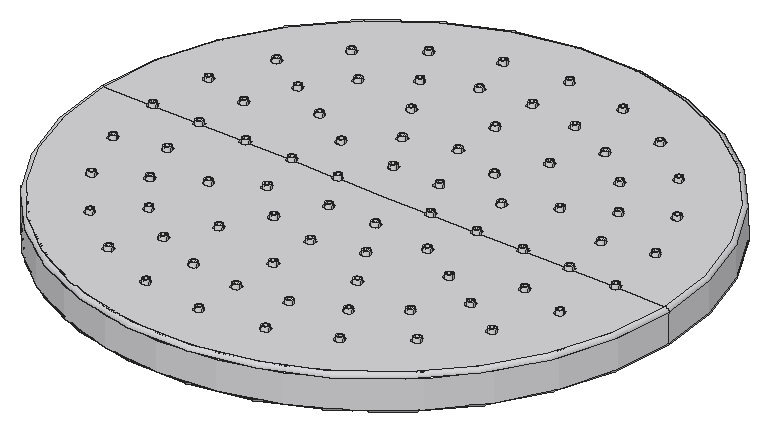
Revit family "Shower-Showerhead-KOHLER-Katalyst-K-73198IN", category Plumbing Fixtures, host Face, Revit 2017 (continued)
Definition of nested family "K-73198IN"
  Automatic sketch dimensions
    curve 211 to curve 427 = 0"  (x2)
    curve 211 to curve 428 = 0"  (x2)
    curve 212 to curve 427 = 0"  (x3)
    curve 212 to curve 428 = 0"  (x2)
    curve 213 to curve 214 = 0"  (x2)
    curve 213 to curve 215 = 0"  (x2)
    curve 213 to curve 216 = 0"  (x2)
    curve 213 to curve 429 = 0"  (x2)
    curve 213 to curve 430 = 0"  (x2)
    curve 213 to curve 431 = 0"  (x2)
    curve 213 to curve 432 = 0"  (x2)
    curve 214 to curve 215 = 0"  (x2)
    curve 214 to curve 216 = 0"  (x2)
    curve 214 to curve 429 = 0"  (x2)
    curve 214 to curve 430 = 0"  (x3)
    curve 214 to curve 431 = 0"  (x2)
    curve 214 to curve 432 = 0"  (x2)
    curve 215 to curve 216 = 0"  (x2)
    curve 215 to curve 429 = 0"  (x2)
    curve 215 to curve 430 = 0"  (x2)
    curve 215 to curve 431 = 0"  (x3)
    curve 215 to curve 432 = 0"  (x2)
    curve 216 to curve 429 = 0"  (x2)
    curve 216 to curve 430 = 0"  (x2)
    curve 216 to curve 431 = 0"  (x2)
    curve 216 to curve 432 = 0"  (x2)
    curve 217 to curve 218 = 0"  (x2)
    curve 217 to curve 219 = 0"  (x2)
    curve 217 to curve 220 = 0"  (x2)
    curve 218 to curve 219 = 0"  (x2)
    curve 218 to curve 220 = 0"  (x2)
    curve 219 to curve 220 = 0"  (x2)
    curve 221 to curve 222 = 0"  (x2)
    curve 223 to curve 226 = 0"  (x2)
    curve 224 to curve 225 = 0"  (x2)
    curve 224 to curve 227 = 0"  (x2)
    curve 224 to curve 228 = 0"  (x2)
    curve 225 to curve 227 = 0"  (x2)
    curve 225 to curve 228 = 0"  (x2)
    curve 227 to curve 228 = 0"  (x2)
    curve 229 to curve 234 = 0"  (x2)
    curve 230 to curve 231 = 0"  (x2)
    curve 230 to curve 232 = 0"  (x2)
    curve 230 to curve 233 = 0"  (x2)
    curve 231 to curve 232 = 0"  (x2)
    curve 231 to curve 233 = 0"  (x2)
    curve 232 to curve 233 = 0"  (x2)
    curve 235 to curve 236 = 0"  (x2)
    curve 237 to curve 238 = 0"  (x2)
    curve 237 to curve 239 = 0"  (x2)
    curve 237 to curve 240 = 0"  (x2)
    curve 238 to curve 239 = 0"  (x2)
    curve 238 to curve 240 = 0"  (x2)
    curve 239 to curve 240 = 0"  (x2)
    curve 241 to curve 242 = 0"  (x2)
    curve 243 to curve 244 = 0"  (x2)
    curve 243 to curve 245 = 0"  (x2)
    curve 243 to curve 246 = 0"  (x2)
    curve 244 to curve 245 = 0"  (x2)
    curve 244 to curve 246 = 0"  (x2)
    curve 245 to curve 246 = 0"  (x2)
    curve 247 to curve 248 = 0"  (x2)
    curve 249 to curve 250 = 0"  (x2)
    curve 249 to curve 251 = 0"  (x2)
    curve 249 to curve 252 = 0"  (x2)
    curve 250 to curve 251 = 0"  (x2)
    curve 250 to curve 252 = 0"  (x2)
    curve 251 to curve 252 = 0"  (x2)
    curve 253 to curve 258 = 0"  (x2)
    curve 254 to curve 255 = 0"  (x2)
    curve 254 to curve 256 = 0"  (x2)
    curve 254 to curve 257 = 0"  (x2)
    curve 255 to curve 256 = 0"  (x2)
    curve 255 to curve 257 = 0"  (x2)
    curve 256 to curve 257 = 0"  (x2)
    curve 259 to curve 260 = 0"  (x2)
    curve 261 to curve 262 = 0"  (x2)
    curve 261 to curve 263 = 0"  (x2)
    curve 261 to curve 264 = 0"  (x2)
    curve 262 to curve 263 = 0"  (x2)
    curve 262 to curve 264 = 0"  (x2)
    curve 263 to curve 264 = 0"  (x2)
    curve 265 to curve 266 = 0"  (x2)
    curve 267 to curve 268 = 0"  (x2)
    curve 267 to curve 269 = 0"  (x2)
    curve 267 to curve 270 = 0"  (x2)
    curve 268 to curve 269 = 0"  (x2)
    curve 268 to curve 270 = 0"  (x2)
    curve 269 to curve 270 = 0"  (x2)
    curve 271 to curve 272 = 0"  (x2)
    curve 273 to curve 274 = 0"  (x2)
    curve 273 to curve 275 = 0"  (x2)
    curve 273 to curve 276 = 0"  (x2)
    curve 274 to curve 275 = 0"  (x2)
    curve 274 to curve 276 = 0"  (x2)
    curve 275 to curve 276 = 0"  (x2)
    curve 277 to curve 280 = 0"  (x2)
    curve 277 to curve 281 = 0"  (x2)
    curve 277 to curve 282 = 0"  (x2)
    curve 278 to curve 279 = 0"  (x2)
    curve 280 to curve 281 = 0"  (x2)
    curve 280 to curve 282 = 0"  (x2)
    curve 281 to curve 282 = 0"  (x2)
    curve 283 to curve 284 = 0"  (x2)
    curve 285 to curve 286 = 0"  (x2)
    curve 285 to curve 287 = 0"  (x2)
    curve 285 to curve 288 = 0"  (x2)
    curve 286 to curve 287 = 0"  (x2)
    curve 286 to curve 288 = 0"  (x2)
    curve 287 to curve 288 = 0"  (x2)
    curve 289 to curve 290 = 0"  (x2)
    curve 291 to curve 292 = 0"  (x2)
    curve 291 to curve 293 = 0"  (x2)
    curve 291 to curve 294 = 0"  (x2)
    curve 292 to curve 293 = 0"  (x2)
    curve 292 to curve 294 = 0"  (x2)
    curve 293 to curve 294 = 0"  (x2)
    curve 295 to curve 296 = 0"  (x2)
    curve 297 to curve 298 = 0"  (x2)
    curve 297 to curve 299 = 0"  (x2)
    curve 297 to curve 300 = 0"  (x2)
    curve 298 to curve 299 = 0"  (x2)
    curve 298 to curve 300 = 0"  (x2)
    curve 299 to curve 300 = 0"  (x2)
    curve 301 to curve 302 = 0"  (x2)
    curve 303 to curve 304 = 0"  (x2)
    curve 303 to curve 305 = 0"  (x2)
    curve 303 to curve 306 = 0"  (x2)
    curve 304 to curve 305 = 0"  (x2)
    curve 304 to curve 306 = 0"  (x2)
    curve 305 to curve 306 = 0"  (x2)
    curve 307 to curve 308 = 0"  (x2)
    curve 309 to curve 310 = 0"  (x2)
    curve 309 to curve 311 = 0"  (x2)
    curve 309 to curve 312 = 0"  (x2)
    curve 310 to curve 311 = 0"  (x2)
    curve 310 to curve 312 = 0"  (x2)
    curve 311 to curve 312 = 0"  (x2)
    curve 313 to curve 314 = 0"  (x2)
    curve 315 to curve 316 = 0"  (x2)
    curve 315 to curve 317 = 0"  (x2)
    curve 315 to curve 318 = 0"  (x2)
    curve 316 to curve 317 = 0"  (x2)
    curve 316 to curve 318 = 0"  (x2)
    curve 317 to curve 318 = 0"  (x2)
    curve 319 to curve 320 = 0"  (x2)
    curve 321 to curve 322 = 0"  (x2)
    curve 321 to curve 323 = 0"  (x2)
    curve 321 to curve 324 = 0"  (x2)
    curve 322 to curve 323 = 0"  (x2)
    curve 322 to curve 324 = 0"  (x2)
    curve 323 to curve 324 = 0"  (x2)
    curve 325 to curve 326 = 0"  (x2)
    curve 325 to curve 327 = 0"  (x2)
    curve 325 to curve 328 = 0"  (x2)
    curve 326 to curve 327 = 0"  (x2)
    curve 326 to curve 328 = 0"  (x2)
    curve 327 to curve 328 = 0"  (x2)
    curve 329 to curve 330 = 0"  (x2)
    curve 331 to curve 334 = 0"  (x2)
    curve 332 to curve 333 = 0"  (x2)
    curve 332 to curve 335 = 0"  (x2)
    curve 332 to curve 336 = 0"  (x2)
    curve 333 to curve 335 = 0"  (x2)
    curve 333 to curve 336 = 0"  (x2)
    curve 335 to curve 336 = 0"  (x2)
    curve 337 to curve 342 = 0"  (x2)
    curve 338 to curve 339 = 0"  (x2)
    curve 338 to curve 340 = 0"  (x2)
    curve 338 to curve 341 = 0"  (x2)
    curve 339 to curve 340 = 0"  (x2)
    curve 339 to curve 341 = 0"  (x2)
    curve 340 to curve 341 = 0"  (x2)
    curve 343 to curve 344 = 0"  (x2)
    curve 345 to curve 346 = 0"  (x2)
    curve 345 to curve 347 = 0"  (x2)
    curve 345 to curve 348 = 0"  (x2)
    curve 346 to curve 347 = 0"  (x2)
    curve 346 to curve 348 = 0"  (x2)
    curve 347 to curve 348 = 0"  (x2)
    curve 349 to curve 350 = 0"  (x2)
    curve 351 to curve 352 = 0"  (x2)
    curve 351 to curve 353 = 0"  (x2)
    curve 351 to curve 354 = 0"  (x2)
    curve 352 to curve 353 = 0"  (x2)
    curve 352 to curve 354 = 0"  (x2)
    curve 353 to curve 354 = 0"  (x2)
    curve 355 to curve 356 = 0"  (x2)
    curve 357 to curve 358 = 0"  (x2)
    curve 357 to curve 359 = 0"  (x2)
    curve 357 to curve 360 = 0"  (x2)
    curve 358 to curve 359 = 0"  (x2)
    curve 358 to curve 360 = 0"  (x2)
    curve 359 to curve 360 = 0"  (x2)
    curve 361 to curve 366 = 0"  (x2)
    curve 362 to curve 363 = 0"  (x2)
    curve 362 to curve 364 = 0"  (x2)
    curve 362 to curve 365 = 0"  (x2)
    curve 363 to curve 364 = 0"  (x2)
    curve 363 to curve 365 = 0"  (x2)
    curve 364 to curve 365 = 0"  (x2)
    curve 367 to curve 368 = 0"  (x2)
    curve 369 to curve 370 = 0"  (x2)
    curve 369 to curve 371 = 0"  (x2)
    curve 369 to curve 372 = 0"  (x2)
    curve 370 to curve 371 = 0"  (x2)
    curve 370 to curve 372 = 0"  (x2)
    curve 371 to curve 372 = 0"  (x2)
    curve 373 to curve 374 = 0"  (x2)
    curve 375 to curve 376 = 0"  (x2)
    curve 375 to curve 377 = 0"  (x2)
    curve 375 to curve 378 = 0"  (x2)
    curve 376 to curve 377 = 0"  (x2)
    curve 376 to curve 378 = 0"  (x2)
    curve 377 to curve 378 = 0"  (x2)
    curve 379 to curve 380 = 0"  (x2)
    curve 381 to curve 382 = 0"  (x2)
    curve 381 to curve 383 = 0"  (x2)
    curve 381 to curve 384 = 0"  (x2)
    curve 382 to curve 383 = 0"  (x2)
    curve 382 to curve 384 = 0"  (x2)
    curve 383 to curve 384 = 0"  (x2)
    curve 385 to curve 388 = 0"  (x2)
    curve 385 to curve 389 = 0"  (x2)
    curve 385 to curve 390 = 0"  (x2)
    curve 386 to curve 387 = 0"  (x2)
    curve 388 to curve 389 = 0"  (x2)
    curve 388 to curve 390 = 0"  (x2)
    curve 389 to curve 390 = 0"  (x2)
    curve 391 to curve 392 = 0"  (x2)
    curve 393 to curve 394 = 0"  (x2)
    curve 393 to curve 395 = 0"  (x2)
    curve 393 to curve 396 = 0"  (x2)
    curve 394 to curve 395 = 0"  (x2)
    curve 394 to curve 396 = 0"  (x2)
    curve 395 to curve 396 = 0"  (x2)
    curve 397 to curve 398 = 0"  (x2)
    curve 399 to curve 400 = 0"  (x2)
    curve 399 to curve 401 = 0"  (x2)
    curve 399 to curve 402 = 0"  (x2)
    curve 400 to curve 401 = 0"  (x2)
    curve 400 to curve 402 = 0"  (x2)
    curve 401 to curve 402 = 0"  (x2)
    curve 403 to curve 404 = 0"  (x2)
    curve 405 to curve 406 = 0"  (x2)
    curve 405 to curve 407 = 0"  (x2)
    curve 405 to curve 408 = 0"  (x2)
    curve 406 to curve 407 = 0"  (x2)
    curve 406 to curve 408 = 0"  (x2)
    curve 407 to curve 408 = 0"  (x2)
    curve 409 to curve 410 = 0"  (x2)
    curve 411 to curve 412 = 0"  (x2)
    curve 411 to curve 413 = 0"  (x2)
    curve 411 to curve 414 = 0"  (x2)
    curve 412 to curve 413 = 0"  (x2)
    curve 412 to curve 414 = 0"  (x2)
    curve 413 to curve 414 = 0"  (x2)
    curve 415 to curve 416 = 0"  (x2)
    curve 417 to curve 418 = 0"  (x2)
    curve 417 to curve 419 = 0"  (x2)
    curve 417 to curve 420 = 0"  (x2)
    curve 418 to curve 419 = 0"  (x2)
    curve 418 to curve 420 = 0"  (x2)
    curve 419 to curve 420 = 0"  (x2)
    curve 421 to curve 422 = 0"  (x2)
    curve 423 to curve 424 = 0"  (x2)
    curve 423 to curve 425 = 0"  (x2)
    curve 423 to curve 426 = 0"  (x2)
    curve 424 to curve 425 = 0"  (x2)
    curve 424 to curve 426 = 0"  (x2)
    curve 425 to curve 426 = 0"  (x2)
    curve 427 to curve 428 = 0"  (x2)
    curve 429 to curve 430 = 0"  (x2)
    curve 429 to curve 431 = 0"  (x2)
    curve 429 to curve 432 = 0"  (x2)
    curve 430 to curve 431 = 0"  (x2)
    curve 430 to curve 432 = 0"  (x2)
    curve 431 to curve 432 = 0"  (x2)
    curve 433 to curve 434 = 0"  (x2)
    curve 435 to curve 436 = 0"  (x2)
    curve 435 to curve 437 = 0"  (x2)
    curve 435 to curve 438 = 0"  (x2)
    curve 436 to curve 437 = 0"  (x2)
    curve 436 to curve 438 = 0"  (x2)
    curve 437 to curve 438 = 0"  (x2)
    curve 439 to curve 440 = 0"  (x2)
    curve 441 to curve 442 = 0"  (x2)
    curve 441 to curve 443 = 0"  (x2)
    curve 441 to curve 444 = 0"  (x2)
    curve 442 to curve 443 = 0"  (x2)
    curve 442 to curve 444 = 0"  (x2)
    curve 443 to curve 444 = 0"  (x2)
    curve 445 to curve 446 = 0"  (x2)
    curve 447 to curve 448 = 0"  (x2)
    curve 447 to curve 449 = 0"  (x2)
    curve 447 to curve 450 = 0"  (x2)
    curve 448 to curve 449 = 0"  (x2)
    curve 448 to curve 450 = 0"  (x2)
    curve 449 to curve 450 = 0"  (x2)
    curve 451 to curve 452 = 0"  (x2)
    curve 453 to curve 454 = 0"  (x2)
    curve 453 to curve 455 = 0"  (x2)
    curve 453 to curve 456 = 0"  (x2)
    curve 454 to curve 455 = 0"  (x2)
    curve 454 to curve 456 = 0"  (x2)
    curve 455 to curve 456 = 0"  (x2)
    curve 457 to curve 458 = 0"  (x2)
    curve 459 to curve 460 = 0"  (x2)
    curve 459 to curve 461 = 0"  (x2)
    curve 459 to curve 462 = 0"  (x2)
    curve 460 to curve 461 = 0"  (x2)
    curve 460 to curve 462 = 0"  (x2)
    curve 461 to curve 462 = 0"  (x2)
    curve 463 to curve 464 = 0"  (x2)
    curve 463 to curve 467 = 0"  (x2)
    curve 463 to curve 468 = 0"  (x2)
    curve 464 to curve 467 = 0"  (x2)
    curve 464 to curve 468 = 0"  (x2)
    curve 465 to curve 466 = 0"  (x2)
    curve 467 to curve 468 = 0"  (x2)
    curve 469 to curve 470 = 0"  (x2)
    curve 471 to curve 472 = 0"  (x2)
    curve 471 to curve 473 = 0"  (x2)
    curve 471 to curve 474 = 0"  (x2)
    curve 472 to curve 473 = 0"  (x2)
    curve 472 to curve 474 = 0"  (x2)
    curve 473 to curve 474 = 0"  (x2)
    curve 475 to curve 476 = 0"  (x2)
    curve 477 to curve 478 = 0"  (x2)
    curve 477 to curve 479 = 0"  (x2)
    curve 477 to curve 480 = 0"  (x2)
    curve 478 to curve 479 = 0"  (x2)
    curve 478 to curve 480 = 0"  (x2)
    curve 479 to curve 480 = 0"  (x2)
    curve 481 to curve 482 = 0"  (x2)
    curve 483 to curve 484 = 0"  (x2)
    curve 483 to curve 485 = 0"  (x2)
    curve 483 to curve 486 = 0"  (x2)
    curve 484 to curve 485 = 0"  (x2)
    curve 484 to curve 486 = 0"  (x2)
    curve 485 to curve 486 = 0"  (x2)
    curve 487 to curve 488 = 0"  (x2)
    curve 489 to curve 490 = 0"  (x2)
    curve 489 to curve 491 = 0"  (x2)
    curve 489 to curve 492 = 0"  (x2)
    curve 490 to curve 491 = 0"  (x2)
    curve 490 to curve 492 = 0"  (x2)
    curve 491 to curve 492 = 0"  (x2)
    curve 493 to curve 494 = 0"  (x2)
    curve 495 to curve 496 = 0"  (x2)
    curve 495 to curve 497 = 0"  (x2)
    curve 495 to curve 498 = 0"  (x2)
    curve 496 to curve 497 = 0"  (x2)
    curve 496 to curve 498 = 0"  (x2)
    curve 497 to curve 498 = 0"  (x2)
    curve 499 to curve 500 = 0"  (x2)
    curve 501 to curve 502 = 0"  (x2)
    curve 501 to curve 503 = 0"  (x2)
    curve 501 to curve 504 = 0"  (x2)
    curve 502 to curve 503 = 0"  (x2)
    curve 502 to curve 504 = 0"  (x2)
    curve 503 to curve 504 = 0"  (x2)
    curve 505 to curve 506 = 0"  (x2)
    curve 505 to curve 509 = 0"  (x2)
    curve 505 to curve 510 = 0"  (x2)
    curve 506 to curve 509 = 0"  (x2)
    curve 506 to curve 510 = 0"  (x2)
    curve 507 to curve 508 = 0"  (x2)
    curve 509 to curve 510 = 0"  (x2)
    curve 511 to curve 512 = 0"  (x2)
    curve 513 to curve 514 = 0"  (x2)
    curve 513 to curve 515 = 0"  (x2)
    curve 513 to curve 516 = 0"  (x2)
    curve 514 to curve 515 = 0"  (x2)
    curve 514 to curve 516 = 0"  (x2)
    curve 515 to curve 516 = 0"  (x2)
    plane 1 "Center (Front/Back)" to curve 433 = 0"
    plane 1 "Center (Front/Back)" to curve 435 = 0"
    plane 1 "Center (Front/Back)" to curve 439 = 0"
    plane 1 "Center (Front/Back)" to curve 441 = 0"
    plane 1 "Center (Front/Back)" to curve 445 = 0"
    plane 1 "Center (Front/Back)" to curve 447 = 0"
    plane 1 "Center (Front/Back)" to curve 451 = 0"
    plane 1 "Center (Front/Back)" to curve 454 = 0"
    plane 1 "Center (Front/Back)" to curve 458 = 0"
    plane 1 "Center (Front/Back)" to curve 460 = 0"
    curve 431 to plane 3 "Center (Left/Right)" = 0"
    curve 428 to plane 3 "Center (Left/Right)" = 0"
    curve 426 to plane 3 "Center (Left/Right)" = 0"
    curve 422 to plane 3 "Center (Left/Right)" = 0"
    curve 420 to plane 3 "Center (Left/Right)" = 0"
    curve 222 to plane 3 "Center (Left/Right)" = 0"
    curve 220 to plane 3 "Center (Left/Right)" = 0"
    curve 416 to plane 3 "Center (Left/Right)" = 0"
    curve 330 to plane 3 "Center (Left/Right)" = 0"
    curve 328 to plane 3 "Center (Left/Right)" = 0"
    curve 324 to plane 3 "Center (Left/Right)" = 0"
    curve 91 to plane 3 "Center (Left/Right)" = 0"
    curve 320 to plane 3 "Center (Left/Right)" = 0"
    curve 318 to plane 3 "Center (Left/Right)" = 0"
    curve 309 to plane 3 "Center (Left/Right)" = 0"
    curve 313 to plane 3 "Center (Left/Right)" = 0"
    plane 1 "Center (Front/Back)" to curve 499 = 0"
    plane 1 "Center (Front/Back)" to curve 501 = 0"
    plane 1 "Center (Front/Back)" to curve 493 = 0"
    plane 1 "Center (Front/Back)" to curve 496 = 0"
    plane 1 "Center (Front/Back)" to curve 488 = 0"
    plane 1 "Center (Front/Back)" to curve 489 = 0"
    plane 1 "Center (Front/Back)" to curve 482 = 0"
    plane 1 "Center (Front/Back)" to curve 484 = 0"
    plane 1 "Center (Front/Back)" to curve 476 = 0"
    plane 1 "Center (Front/Back)" to curve 478 = 0"
    curve 466 to plane 11 = 0.1525"
    curve 469 to plane 11 = 0.14635"
    curve 464 to curve 465 = 0.00696"
    curve 471 to curve 469 = 0.00081"
    plane 11 to curve 58 = 0.17515"
    plane 11 to curve 168 = 0.17515"
    curve 163 to curve 165 = 0.00037"
    curve 56 to curve 57 = 0.00037"
    plane 11 to curve 459 = 0.17774"
    curve 458 to curve 459 = 0.00098"
    plane 11 to curve 86 = 0.19957"
    plane 11 to curve 193 = 0.19957"
    curve 90 to curve 85 = 0.00053"
    curve 198 to curve 193 = 0.00053"
    plane 11 to curve 9 = 0.36794"
    plane 11 to curve 119 = 0.36794"
    curve 10 to curve 8 = 0.00223"
    curve 115 to curve 116 = 0.00223"
    plane 11 to curve 74 = 0.49818"
    plane 11 to curve 182 = 0.49818"
    curve 77 to curve 73 = 0.00138"
    curve 185 to curve 181 = 0.00138"
    plane 6 to curve 45 = 0.17677"
    plane 11 to curve 45 = 0.65247"
    plane 7 to curve 153 = 0.17677"
    plane 11 to curve 153 = 0.65247"
    curve 43 to curve 45 = 0.00016"
    curve 151 to curve 153 = 0.00016"
    curve 451 to curve 457 = 0.6473"
    curve 454 to curve 451 = 0.00096"
    curve 81 to curve 73 = 0.32891"
    curve 191 to curve 181 = 0.32891"
    curve 79 to curve 81 = 0.00031"
    curve 187 to curve 189 = 0.00031"
    curve 121 to curve 189 = 0.32462"
    curve 18 to curve 81 = 0.32462"
    curve 16 to curve 13 = 0.00099"
    curve 122 to curve 121 = 0.00099"
    curve 158 to curve 151 = 0.5609"
    curve 49 to curve 43 = 0.5609"
    curve 160 to curve 157 = 0.00317"
    curve 52 to curve 49 = 0.00317"
    curve 70 to curve 79 = 0.53589"
    curve 178 to curve 187 = 0.53589"
    curve 67 to curve 69 = 0.00106"
    curve 176 to curve 177 = 0.00106"
    curve 449 to curve 453 = 0.64465"
    curve 446 to curve 447 = 0.00687"
    curve 62 to curve 51 = 0.56156"
    curve 171 to curve 159 = 0.56156"
    curve 66 to curve 62 = 0"
    curve 174 to curve 170 = 0"
    curve 127 to curve 175 = 0.46112"
    curve 19 to curve 67 = 0.46112"
    curve 129 to curve 127 = 0.00011"
    curve 24 to curve 19 = 0.00011"
    plane 7 to curve 145 = 0.19757"
    curve 145 to curve 169 = 0.25863"
    plane 6 to curve 37 = 0.19757"
    curve 37 to curve 61 = 0.25863"
    curve 149 to curve 145 = 0.00096"
    curve 41 to curve 37 = 0.00096"
    curve 439 to curve 445 = 0.64634"
    curve 441 to curve 439 = 0.00144"
    curve 25 to curve 62 = 0.56177"
    curve 134 to curve 170 = 0.56177"
    curve 136 to curve 133 = 0.0011"
    curve 29 to curve 25 = 0.0011"
    curve 139 to curve 146 = 0.62688"
    curve 32 to curve 38 = 0.62688"
    curve 143 to curve 139 = 0.00108"
    curve 35 to curve 31 = 0.00108"
    curve 434 to curve 441 = 0.64965"
    curve 437 to curve 433 = 0.00024"
    curve 508 to plane 12 = 0.1525"
    curve 511 to plane 12 = 0.14635"
    curve 507 to curve 509 = 0.00696"
    curve 511 to curve 514 = 0.00081"
    plane 12 to curve 384 = 0.17515"
    plane 12 to curve 273 = 0.17515"
    curve 273 to curve 271 = 0.00037"
    curve 381 to curve 380 = 0.00037"
    plane 12 to curve 502 = 0.17774"
    curve 501 to curve 500 = 0.00098"
    plane 12 to curve 410 = 0.19957"
    plane 12 to curve 301 = 0.19957"
    curve 409 to curve 412 = 0.00053"
    curve 301 to curve 306 = 0.00053"
    plane 12 to curve 332 = 0.36794"
    plane 12 to curve 227 = 0.36794"
    curve 224 to curve 226 = 0.00223"
    curve 332 to curve 331 = 0.00223"
    plane 12 to curve 397 = 0.49818"
    plane 12 to curve 290 = 0.49818"
    curve 397 to curve 401 = 0.00138"
    curve 289 to curve 291 = 0.00138"
    plane 6 to curve 263 = 0.17677"
    plane 12 to curve 263 = 0.65247"
    plane 7 to curve 371 = 0.17677"
    plane 12 to curve 371 = 0.65247"
    curve 261 to curve 260 = 0.00016"
    curve 369 to curve 368 = 0.00016"
    curve 499 to curve 494 = 0.6473"
    curve 493 to curve 495 = 0.00096"
    curve 289 to curve 298 = 0.32891"
    curve 397 to curve 405 = 0.32891"
    curve 297 to curve 295 = 0.00031"
    curve 405 to curve 404 = 0.00031"
    curve 405 to curve 342 = 0.32462"
    curve 297 to curve 229 = 0.32462"
    curve 337 to curve 340 = 0.00099"
    curve 229 to curve 231 = 0.00099"
    curve 259 to curve 265 = 0.5609"
    curve 367 to curve 373 = 0.5609"
    curve 265 to curve 269 = 0.00317"
    curve 373 to curve 377 = 0.00317"
    curve 403 to curve 394 = 0.53589"
    curve 295 to curve 287 = 0.53589"
    curve 393 to curve 391 = 0.00106"
    curve 285 to curve 283 = 0.00106"
    curve 495 to curve 492 = 0.64465"
    curve 489 to curve 487 = 0.00687"
    curve 375 to curve 387 = 0.56156"
    curve 267 to curve 279 = 0.56156"
    curve 386 to curve 390 = 0"
    curve 278 to curve 277 = 0"
    curve 283 to curve 235 = 0.46112"
    curve 391 to curve 343 = 0.46112"
    curve 235 to curve 239 = 0.00011"
    curve 343 to curve 345 = 0.00011"
    plane 7 to curve 366 = 0.19757"
    curve 385 to curve 366 = 0.25863"
    plane 6 to curve 253 = 0.19757"
    curve 277 to curve 253 = 0.25863"
    curve 253 to curve 255 = 0.00096"
    curve 361 to curve 362 = 0.00096"
    curve 487 to curve 482 = 0.64634"
    curve 481 to curve 484 = 0.00144"
    curve 278 to curve 242 = 0.56177"
    curve 386 to curve 350 = 0.56177"
    curve 241 to curve 246 = 0.0011"
    curve 349 to curve 354 = 0.0011"
    curve 254 to curve 248 = 0.62688"
    curve 362 to curve 355 = 0.62688"
    curve 355 to curve 357 = 0.00108"
    curve 247 to curve 252 = 0.00108"
    curve 483 to curve 475 = 0.64965"
    curve 475 to curve 479 = 0.00024"
    curve 363 to curve 361 = 0.00188"
    curve 149 to curve 145 = 0.00188"
    plane 7 to curve 355 = 0.3658"
    plane 7 to curve 139 = 0.3658"
    curve 141 to curve 139 = 0.00191"
    curve 357 to curve 355 = 0.00191"
    plane 7 to curve 373 = 0.50169"
    plane 7 to curve 157 = 0.50169"
    curve 161 to curve 157 = 0.00142"
    curve 375 to curve 373 = 0.00142"
    curve 379 to curve 369 = 0.4769"
    curve 163 to curve 153 = 0.4769"
    curve 165 to curve 163 = 0.00043"
    curve 384 to curve 379 = 0.00043"
    curve 417 to curve 380 = 0.17274"
    curve 390 to curve 373 = 0.32564"
    curve 169 to curve 158 = 0.32564"
    curve 170 to curve 169 = 0.00041"
    curve 387 to curve 385 = 0.00041"
    curve 200 to curve 201 = 0.00186"
    curve 353 to curve 387 = 0.32366"
    curve 138 to curve 171 = 0.32366"
    curve 350 to curve 351 = 0.00065"
    curve 134 to curve 135 = 0.00065"
    curve 183 to curve 164 = 0.56233"
    curve 399 to curve 380 = 0.56233"
    curve 397 to curve 399 = 0.00269"
    curve 181 to curve 183 = 0.00269"
    curve 180 to curve 170 = 0.53764"
    curve 393 to curve 387 = 0.53764"
    curve 392 to curve 393 = 0.00077"
    curve 176 to curve 177 = 0.00077"
    curve 206 to curve 199 = 0.64771"
    curve 423 to curve 205 = 0.00355"
    curve 187 to curve 181 = 0.55928"
    curve 403 to curve 397 = 0.55928"
    curve 407 to curve 403 = 0.00199"
    curve 190 to curve 187 = 0.00199"
    curve 129 to curve 175 = 0.45806"
    curve 348 to curve 391 = 0.45806"
    curve 344 to curve 345 = 0.00084"
    curve 127 to curve 129 = 0.00084"
    curve 409 to curve 404 = 0.25959"
    curve 194 to curve 188 = 0.25959"
    curve 411 to curve 409 = 0.00122"
    curve 198 to curve 193 = 0.00122"
    curve 211 to curve 409 = 0.08947"
    curve 216 to curve 211 = 0.0024"
    curve 338 to curve 403 = 0.56077"
    curve 125 to curve 187 = 0.56077"
    curve 126 to curve 122 = 0.00331"
    curve 342 to curve 338 = 0.00331"
    curve 334 to curve 410 = 0.62712"
    curve 115 to curve 194 = 0.62712"
    curve 117 to curve 115 = 0.00045"
    curve 333 to curve 331 = 0.00045"
    curve 329 to curve 213 = 0.64943"
    curve 109 to curve 113 = 0.00436"
    curve 152 to curve 153 = 0.00108"
    curve 367 to curve 369 = 0.00108"
    plane 7 to curve 513 = 0.0924"
    plane 7 to curve 474 = 0.0924"
    curve 471 to curve 470 = 0.00072"
    curve 513 to curve 511 = 0.00072"
    plane 6 to curve 508 = 0.09168"
    plane 6 to curve 465 = 0.09168"
    curve 465 to curve 467 = 0.00072"
    curve 507 to curve 510 = 0.00072"
    curve 261 to curve 260 = 0.00108"
    curve 45 to curve 43 = 0.00108"
    curve 37 to curve 40 = 0.00188"
    curve 253 to curve 257 = 0.00188"
    plane 6 to curve 248 = 0.3658"
    plane 6 to curve 31 = 0.3658"
    curve 31 to curve 33 = 0.00191"
    curve 247 to curve 249 = 0.00191"
    plane 6 to curve 266 = 0.50169"
    plane 6 to curve 49 = 0.50169"
    curve 49 to curve 51 = 0.00142"
    curve 265 to curve 267 = 0.00142"
    curve 508 to curve 271 = 0.56199"
    curve 466 to curve 56 = 0.56199"
    curve 271 to curve 273 = 0.00043"
    curve 55 to curve 57 = 0.00043"
    curve 272 to curve 310 = 0.17274"
    curve 266 to curve 277 = 0.32564"
    curve 50 to curve 66 = 0.32564"
    curve 277 to curve 279 = 0.00041"
    curve 61 to curve 63 = 0.00041"
    curve 93 to curve 91 = 0.00186"
    curve 279 to curve 246 = 0.32366"
    curve 63 to curve 29 = 0.32366"
    curve 27 to curve 26 = 0.00065"
    curve 243 to curve 241 = 0.00065"
    curve 272 to curve 293 = 0.56233"
    curve 56 to curve 75 = 0.56233"
    curve 75 to curve 74 = 0.00269"
    curve 291 to curve 290 = 0.00269"
    curve 63 to curve 71 = 0.53764"
    curve 279 to curve 287 = 0.53764"
    curve 285 to curve 283 = 0.00077"
    curve 69 to curve 68 = 0.00077"
    curve 91 to curve 314 = 0.64771"
    curve 97 to curve 99 = 0.00355"
    curve 73 to curve 80 = 0.55928"
    curve 289 to curve 295 = 0.55928"
    curve 295 to curve 297 = 0.00199"
    curve 79 to curve 84 = 0.00199"
    curve 283 to curve 240 = 0.45806"
    curve 67 to curve 24 = 0.45806"
    curve 237 to curve 236 = 0.00084"
    curve 21 to curve 20 = 0.00084"
    curve 296 to curve 302 = 0.25959"
    curve 80 to curve 85 = 0.25959"
    curve 85 to curve 87 = 0.00122"
    curve 301 to curve 306 = 0.00122"
    curve 301 to curve 104 = 0.08947"
    curve 103 to curve 322 = 0.0024"
    curve 295 to curve 233 = 0.56077"
    curve 79 to curve 14 = 0.56077"
    curve 230 to curve 234 = 0.00331"
    curve 14 to curve 13 = 0.00331"
    curve 86 to curve 7 = 0.62712"
    curve 301 to curve 226 = 0.62712"
    curve 223 to curve 224 = 0.00045"
    curve 7 to curve 11 = 0.00045"
    curve 105 to curve 5 = 0.64943"
    curve 5 to curve 218 = 0.00436"
    curve 420 to plane 3 "Center (Left/Right)" = 0.03175"
    curve 432 to plane 3 "Center (Left/Right)" = 0.03175"
    curve 101 to plane 3 "Center (Left/Right)" = 0.03175"
    curve 326 to plane 3 "Center (Left/Right)" = 0.03175"
    curve 324 to plane 3 "Center (Left/Right)" = 0.03175"
    curve 312 to plane 3 "Center (Left/Right)" = 0.03175"
    curve 209 to plane 3 "Center (Left/Right)" = 0.03175"
    curve 317 to curve 101 = 0"
    curve 1 to plane 3 "Center (Left/Right)" = 0.03175"
    curve 425 to curve 209 = 0"
    curve 218 to curve 1 = 0"
    curve 3 to curve 1 = 0.01523"
    curve 100 to curve 101 = 0.01523"
    curve 322 to curve 107 = 0.01523"
    curve 430 to curve 215 = 0.01523"
    curve 310 to curve 95 = 0.01523"
    curve 111 to curve 109 = 0.01523"
    curve 201 to curve 203 = 0.01523"
    curve 328 to curve 111 = 0"  (x2)
    curve 424 to curve 209 = 0.01523"
    curve 219 to curve 3 = 0"
    curve 315 to curve 99 = 0"
    curve 418 to curve 202 = 0"
    curve 221 to curve 3 = 0.01994"
    curve 104 to curve 106 = 0.01994"
    curve 97 to curve 100 = 0.01994"
    curve 421 to curve 208 = 0.01994"
    curve 416 to curve 201 = 0.01994"
    curve 427 to curve 214 = 0.01994"
    curve 92 to curve 93 = 0.01994"
    curve 307 to curve 92 = 0"
    curve 330 to curve 327 = 0.01994"
    curve 319 to curve 103 = 0"
    curve 314 to curve 97 = 0"
    curve 465 to curve 465 = 0.06693"
    curve 469 to curve 469 = 0.06693"
    curve 472 to curve 470 = 0.02075"
    curve 464 to curve 466 = 0.0269"
    curve 474 to curve 471 = 0.01523"
    curve 467 to curve 463 = 0.01523"
    curve 165 to curve 163 = 0.06656"
    curve 57 to curve 56 = 0.06656"
    curve 459 to curve 457 = 0.06595"
    curve 165 to curve 163 = 0.01957"
    curve 58 to curve 56 = 0.01957"
    curve 459 to curve 457 = 0.01897"
    curve 193 to curve 194 = 0.06693"
    curve 85 to curve 85 = 0.06693"
    curve 167 to curve 165 = 0.01523"
    curve 59 to curve 57 = 0.01523"
    curve 462 to curve 459 = 0.01523"
    curve 196 to curve 193 = 0.02047"
    curve 88 to curve 85 = 0.02047"
    curve 89 to curve 87 = 0.01523"
    curve 198 to curve 195 = 0.01523"
    curve 116 to curve 115 = 0.0647"
    curve 8 to curve 7 = 0.0647"
    curve 119 to curve 115 = 0.01771"
    curve 11 to curve 10 = 0.01771"
    curve 9 to curve 8 = 0.01523"
    curve 117 to curve 116 = 0.01523"
    curve 181 to curve 181 = 0.06693"
    curve 73 to curve 73 = 0.06693"
    curve 75 to curve 73 = 0.02132"
    curve 183 to curve 181 = 0.02132"
    curve 186 to curve 183 = 0.01523"
    curve 78 to curve 75 = 0.01523"
    curve 45 to curve 44 = 0.06677"
    curve 153 to curve 151 = 0.06677"
    curve 153 to curve 151 = 0.01979"
    curve 46 to curve 44 = 0.01979"
    curve 48 to curve 45 = 0.01523"
    curve 156 to curve 153 = 0.01523"
    curve 451 to curve 451 = 0.06693"
    curve 81 to curve 80 = 0.06662"
    curve 189 to curve 187 = 0.06662"
    curve 453 to curve 451 = 0.02091"
    curve 190 to curve 188 = 0.01963"
    curve 81 to curve 80 = 0.01963"
    curve 455 to curve 453 = 0.01523"
    curve 192 to curve 189 = 0.01523"
    curve 83 to curve 81 = 0.01523"
    curve 121 to curve 126 = 0.06693"
    curve 13 to curve 18 = 0.06693"
    curve 14 to curve 13 = 0.02094"
    curve 122 to curve 121 = 0.02094"
    curve 124 to curve 122 = 0.01523"
    curve 16 to curve 14 = 0.01523"
    curve 157 to curve 158 = 0.06693"
    curve 49 to curve 50 = 0.06693"
    curve 160 to curve 157 = 0.02312"
    curve 51 to curve 50 = 0.02312"
    curve 161 to curve 159 = 0.01523"
    curve 54 to curve 51 = 0.01523"
    curve 69 to curve 67 = 0.06587"
    curve 177 to curve 175 = 0.06587"
    curve 177 to curve 175 = 0.01888"
    curve 69 to curve 67 = 0.01888"
    curve 71 to curve 69 = 0.01523"
    curve 179 to curve 177 = 0.01523"
    curve 447 to curve 445 = 0.06006"
    curve 448 to curve 445 = 0.01307"
    curve 449 to curve 447 = 0.01523"
    curve 62 to curve 63 = 0.06693"
    curve 170 to curve 170 = 0.06693"
    curve 172 to curve 170 = 0.01996"
    curve 61 to curve 62 = 0.01996"
    curve 65 to curve 61 = 0.01523"
    curve 173 to curve 169 = 0.01523"
    curve 19 to curve 20 = 0.06693"
    curve 127 to curve 127 = 0.06693"
    curve 130 to curve 127 = 0.02005"
    curve 21 to curve 19 = 0.02005"
    curve 23 to curve 21 = 0.01523"
    curve 131 to curve 129 = 0.01523"
    curve 145 to curve 145 = 0.06693"
    curve 37 to curve 37 = 0.06693"
    curve 41 to curve 42 = 0.0209"
    curve 146 to curve 150 = 0.0209"
    curve 40 to curve 38 = 0.01523"
    curve 147 to curve 146 = 0.01523"
    curve 439 to curve 440 = 0.06693"
    curve 441 to curve 439 = 0.02139"
    curve 444 to curve 441 = 0.01523"
    curve 133 to curve 133 = 0.06693"
    curve 25 to curve 26 = 0.06693"
    curve 136 to curve 133 = 0.02104"
    curve 28 to curve 25 = 0.02104"
    curve 29 to curve 27 = 0.01523"
    curve 137 to curve 135 = 0.01523"
    curve 139 to curve 140 = 0.06693"
    curve 31 to curve 31 = 0.06693"
    curve 143 to curve 140 = 0.02102"
    curve 36 to curve 32 = 0.02102"
    curve 141 to curve 143 = 0.01523"
    curve 34 to curve 35 = 0.01523"
    curve 433 to curve 433 = 0.06693"
    curve 436 to curve 433 = 0.02019"
    curve 438 to curve 435 = 0.01523"
    curve 507 to curve 507 = 0.06693"
    curve 512 to curve 511 = 0.06693"
    curve 508 to curve 505 = 0.0269"
    curve 511 to curve 514 = 0.02075"
    curve 505 to curve 509 = 0.01523"
    curve 513 to curve 516 = 0.01523"
    curve 380 to curve 381 = 0.06656"
    curve 271 to curve 273 = 0.06656"
    curve 499 to curve 501 = 0.06595"
    curve 380 to curve 382 = 0.01957"
    curve 272 to curve 274 = 0.01957"
    curve 499 to curve 501 = 0.01897"
    curve 302 to curve 301 = 0.06693"
    curve 409 to curve 409 = 0.06693"
    curve 273 to curve 276 = 0.01523"
    curve 381 to curve 384 = 0.01523"
    curve 501 to curve 504 = 0.01523"
    curve 301 to curve 303 = 0.02047"
    curve 409 to curve 412 = 0.02047"
    curve 411 to curve 413 = 0.01523"
    curve 303 to curve 305 = 0.01523"
    curve 226 to curve 224 = 0.0647"
    curve 331 to curve 332 = 0.0647"
    curve 334 to curve 335 = 0.01771"
    curve 226 to curve 227 = 0.01771"
    curve 224 to curve 228 = 0.01523"
    curve 332 to curve 336 = 0.01523"
    curve 397 to curve 397 = 0.06693"
    curve 290 to curve 289 = 0.06693"
    curve 397 to curve 399 = 0.02132"
    curve 289 to curve 292 = 0.02132"
    curve 399 to curve 401 = 0.01523"
    curve 291 to curve 294 = 0.01523"
    curve 367 to curve 369 = 0.06677"
    curve 259 to curve 261 = 0.06677"
    curve 367 to curve 370 = 0.01979"
    curve 259 to curve 262 = 0.01979"
    curve 261 to curve 264 = 0.01523"
    curve 369 to curve 371 = 0.01523"
    curve 493 to curve 493 = 0.06693"
    curve 403 to curve 405 = 0.06662"
    curve 295 to curve 297 = 0.06662"
    curve 493 to curve 496 = 0.02091"
    curve 296 to curve 297 = 0.01963"
    curve 404 to curve 406 = 0.01963"
    curve 495 to curve 497 = 0.01523"
    curve 297 to curve 299 = 0.01523"
    curve 405 to curve 408 = 0.01523"
    curve 337 to curve 337 = 0.06693"
    curve 229 to curve 229 = 0.06693"
    curve 337 to curve 341 = 0.02094"
    curve 229 to curve 233 = 0.02094"
    curve 230 to curve 231 = 0.01523"
    curve 338 to curve 339 = 0.01523"
    curve 374 to curve 373 = 0.06693"
    curve 266 to curve 265 = 0.06693"
    curve 374 to curve 376 = 0.02312"
    curve 266 to curve 267 = 0.02312"
    curve 267 to curve 270 = 0.01523"
    curve 375 to curve 377 = 0.01523"
    curve 283 to curve 285 = 0.06587"
    curve 391 to curve 393 = 0.06587"
    curve 283 to curve 285 = 0.01888"
    curve 391 to curve 393 = 0.01888"
    curve 285 to curve 288 = 0.01523"
    curve 393 to curve 396 = 0.01523"
    curve 488 to curve 489 = 0.06006"
    curve 487 to curve 489 = 0.01307"
    curve 489 to curve 492 = 0.01523"
    curve 279 to curve 278 = 0.06693"
    curve 386 to curve 386 = 0.06693"
    curve 278 to curve 277 = 0.01996"
    curve 386 to curve 385 = 0.01996"
    curve 277 to curve 282 = 0.01523"
    curve 385 to curve 389 = 0.01523"
    curve 343 to curve 343 = 0.06693"
    curve 236 to curve 235 = 0.06693"
    curve 343 to curve 346 = 0.02005"
    curve 235 to curve 237 = 0.02005"
    curve 345 to curve 348 = 0.01523"
    curve 237 to curve 239 = 0.01523"
    curve 366 to curve 361 = 0.06693"
    curve 258 to curve 253 = 0.06693"
    curve 258 to curve 254 = 0.0209"
    curve 366 to curve 365 = 0.0209"
    curve 254 to curve 255 = 0.01523"
    curve 362 to curve 363 = 0.01523"
    curve 482 to curve 481 = 0.06693"
    curve 481 to curve 484 = 0.02139"
    curve 483 to curve 485 = 0.01523"
    curve 242 to curve 241 = 0.06693"
    curve 349 to curve 349 = 0.06693"
    curve 349 to curve 351 = 0.02104"
    curve 241 to curve 244 = 0.02104"
    curve 243 to curve 245 = 0.01523"
    curve 351 to curve 353 = 0.01523"
    curve 248 to curve 247 = 0.06693"
    curve 355 to curve 355 = 0.06693"
    curve 356 to curve 359 = 0.02102"
    curve 248 to curve 252 = 0.02102"
    curve 359 to curve 357 = 0.01523"
    curve 251 to curve 249 = 0.01523"
    curve 476 to curve 475 = 0.06693"
    curve 475 to curve 478 = 0.02019"
    curve 477 to curve 480 = 0.01523"
    curve 219 to curve 1 = 0"
    plane 13 to Revolve 1 sketch curve = 0"
    Revolve 1 sketch curve to plane 9 = 0"
    Revolve 1 sketch curve to plane 10 = 0"
    Revolve 1 sketch curve to level = 0"  (x2)
    plane 11 to Revolve 1 sketch curve = 0"
    Revolve 1 sketch curve to plane 3 "Center (Left/Right)" = 0"  (x2)
    Revolve 1 sketch curve to plane 9 = 0.01977"
    Revolve 1 sketch curve to plane 13 = 0.05681"
    plane 11 to Revolve 1 sketch curve = 0.33851"
    plane 9 to Revolve 1 sketch curve = 0.02005"
    Revolve 1 sketch curve to Revolve 1 sketch curve = 0.0239"
    Revolve 1 sketch curve to Revolve 1 sketch curve = 0.03892"
    plane 11 to Revolve 1 sketch curve = 0.24086"
    Revolve 1 sketch curve to Revolve 1 sketch curve = 0.06169"
    Revolve 1 sketch curve to plane 11 = 0.01702"
    Revolve 1 sketch curve to Revolve 1 sketch curve = 0.02587"
    Revolve 1 sketch curve to plane 11 = 0.03242"
    Revolve 1 sketch curve to plane 11 = 0.07651"
    Revolve 1 sketch curve to plane 11 = 0.09187"
    Revolve 1 sketch curve to Revolve 1 sketch curve = 0.0089"
    Revolve 1 sketch curve to Revolve 1 sketch curve = 0.02602"
    Revolve 1 sketch curve to plane 3 "Center (Left/Right)" = 0.17362"
    level to Revolve 1 sketch curve = 0.78293"
    Revolve 1 sketch curve to Revolve 1 sketch curve = 0.03048"
    Revolve 1 sketch curve to Revolve 1 sketch curve = 0.11643"
    Revolve 1 sketch curve to Revolve 1 sketch curve = 0.13399"
    Revolve 1 sketch curve to Revolve 1 sketch curve = 0.05885"
    Revolve 1 sketch curve to Revolve 1 sketch curve = 0.10858"
    Revolve 1 sketch curve to level = 0.16281"
    Extrusion 2 sketch curve to plane 6 = 0.02865"
    plane 6 to Extrusion 2 sketch curve = 0.17002"
    level to Extrusion 2 sketch curve = 0.31483"
    Extrusion 2 sketch curve to Extrusion 2 sketch curve = 0.48916"
    plane 7 to Extrusion 3 sketch curve = 0.02865"
    Extrusion 3 sketch curve to plane 7 = 0.17002"
    Extrusion 3 sketch curve to level = 0.31483"
    Extrusion 3 sketch curve to Extrusion 3 sketch curve = 0.48586"
    plane 1 "Center (Front/Back)" to Extrusion 4 sketch curve = 0"  (x10)
    Extrusion 4 sketch curve to plane 3 "Center (Left/Right)" = 0"  (x8)
    Extrusion 4 sketch curve to plane 11 = 0.1525"
    Extrusion 4 sketch curve to plane 11 = 0.14635"
    plane 11 to Extrusion 4 sketch curve = 0.17552"  (x2)
    plane 11 to Extrusion 4 sketch curve = 0.17871"
    plane 11 to Extrusion 4 sketch curve = 0.19957"  (x2)
    plane 11 to Extrusion 4 sketch curve = 0.37017"  (x2)
    plane 11 to Extrusion 4 sketch curve = 0.49818"  (x2)
    plane 7 to Extrusion 4 sketch curve = 0.17785"  (x2)
    plane 11 to Extrusion 4 sketch curve = 0.65263"  (x2)
    plane 6 to Extrusion 4 sketch curve = 0.17785"  (x2)
    Extrusion 4 sketch curve to Extrusion 4 sketch curve = 0.6473"  (x2)
    Extrusion 4 sketch curve to Extrusion 4 sketch curve = 0.32922"  (x4)
    Extrusion 4 sketch curve to Extrusion 4 sketch curve = 0.32431"  (x8)
    Extrusion 4 sketch curve to Extrusion 4 sketch curve = 0.5609"  (x4)
    Extrusion 4 sketch curve to Extrusion 4 sketch curve = 0.53695"  (x4)
    Extrusion 4 sketch curve to Extrusion 4 sketch curve = 0.65248"  (x2)
    Extrusion 4 sketch curve to Extrusion 4 sketch curve = 0.56473"  (x4)
    Extrusion 4 sketch curve to Extrusion 4 sketch curve = 0.46112"  (x4)
    plane 6 to Extrusion 4 sketch curve = 0.19757"  (x2)
    Extrusion 4 sketch curve to Extrusion 4 sketch curve = 0.25864"  (x4)
    plane 7 to Extrusion 4 sketch curve = 0.19757"  (x2)
    Extrusion 4 sketch curve to Extrusion 4 sketch curve = 0.64634"  (x2)
    Extrusion 4 sketch curve to Extrusion 4 sketch curve = 0.56177"  (x4)
    Extrusion 4 sketch curve to Extrusion 4 sketch curve = 0.62784"  (x4)
    Extrusion 4 sketch curve to Extrusion 4 sketch curve = 0.6511"  (x2)
    Extrusion 4 sketch curve to plane 12 = 0.1525"
    Extrusion 4 sketch curve to plane 12 = 0.14635"
    plane 12 to Extrusion 4 sketch curve = 0.17552"  (x2)
    plane 12 to Extrusion 4 sketch curve = 0.17871"
    plane 12 to Extrusion 4 sketch curve = 0.19957"  (x2)
    plane 12 to Extrusion 4 sketch curve = 0.37017"  (x2)
    plane 12 to Extrusion 4 sketch curve = 0.49818"  (x2)
    plane 12 to Extrusion 4 sketch curve = 0.65263"  (x2)
    plane 7 to Extrusion 4 sketch curve = 0.3658"  (x2)
    plane 7 to Extrusion 4 sketch curve = 0.50169"  (x2)
    plane 7 to Extrusion 4 sketch curve = 0.65982"  (x2)
    Extrusion 4 sketch curve to Extrusion 4 sketch curve = 0.32605"  (x4)
    Extrusion 4 sketch curve to Extrusion 4 sketch curve = 0.16844"
    Extrusion 4 sketch curve to Extrusion 4 sketch curve = 0.55579"  (x2)
    Extrusion 4 sketch curve to Extrusion 4 sketch curve = 0.53841"  (x4)
    Extrusion 4 sketch curve to Extrusion 4 sketch curve = 0.64771"  (x2)
    Extrusion 4 sketch curve to Extrusion 4 sketch curve = 0.56236"  (x2)
    Extrusion 4 sketch curve to Extrusion 4 sketch curve = 0.45889"  (x4)
    Extrusion 4 sketch curve to Extrusion 4 sketch curve = 0.25959"  (x4)
    Extrusion 4 sketch curve to Extrusion 4 sketch curve = 0.65106"  (x2)
    Extrusion 4 sketch curve to Extrusion 4 sketch curve = 0.56407"  (x4)
    Extrusion 4 sketch curve to Extrusion 4 sketch curve = 0.62712"  (x4)
    Extrusion 4 sketch curve to Extrusion 4 sketch curve = 0.65183"  (x2)
    plane 7 to Extrusion 4 sketch curve = 0.09168"  (x2)
    plane 6 to Extrusion 4 sketch curve = 0.09168"  (x2)
    plane 6 to Extrusion 4 sketch curve = 0.3658"  (x2)
    plane 6 to Extrusion 4 sketch curve = 0.50169"  (x2)
    Extrusion 4 sketch curve to Extrusion 4 sketch curve = 0.56199"  (x2)
    Extrusion 4 sketch curve to Extrusion 4 sketch curve = 0.17459"
    Extrusion 4 sketch curve to Extrusion 4 sketch curve = 0.56502"  (x2)
    Extrusion 4 sketch curve to Extrusion 4 sketch curve = 0.55928"  (x2)
    Extrusion 5 sketch curve to Extrusion 5 sketch curve = 0"  (x156)
    plane 1 "Center (Front/Back)" to Extrusion 5 sketch curve = 0"  (x10)
    Extrusion 5 sketch curve to plane 3 "Center (Left/Right)" = 0"  (x8)
    Extrusion 5 sketch curve to plane 11 = 0.14554"  (x2)
    plane 11 to Extrusion 5 sketch curve = 0.17515"  (x2)
    plane 11 to Extrusion 5 sketch curve = 0.17774"
    plane 11 to Extrusion 5 sketch curve = 0.2001"  (x2)
    plane 11 to Extrusion 5 sketch curve = 0.36794"  (x2)
    plane 11 to Extrusion 5 sketch curve = 0.49956"  (x2)
    plane 7 to Extrusion 5 sketch curve = 0.17677"  (x2)
    plane 11 to Extrusion 5 sketch curve = 0.65247"  (x2)
    plane 6 to Extrusion 5 sketch curve = 0.17677"  (x2)
    Extrusion 5 sketch curve to Extrusion 5 sketch curve = 0.64924"  (x2)
    Extrusion 5 sketch curve to Extrusion 5 sketch curve = 0.32753"  (x4)
    Extrusion 5 sketch curve to Extrusion 5 sketch curve = 0.32561"  (x4)
    Extrusion 5 sketch curve to Extrusion 5 sketch curve = 0.56423"  (x4)
    Extrusion 5 sketch curve to Extrusion 5 sketch curve = 0.5362"  (x4)
    Extrusion 5 sketch curve to Extrusion 5 sketch curve = 0.64465"  (x2)
    Extrusion 5 sketch curve to Extrusion 5 sketch curve = 0.56157"  (x4)
    Extrusion 5 sketch curve to Extrusion 5 sketch curve = 0.46229"  (x4)
    plane 7 to Extrusion 5 sketch curve = 0.19944"  (x2)
    Extrusion 5 sketch curve to Extrusion 5 sketch curve = 0.25959"  (x4)
    plane 6 to Extrusion 5 sketch curve = 0.19944"  (x2)
    Extrusion 5 sketch curve to Extrusion 5 sketch curve = 0.65466"  (x2)
    Extrusion 5 sketch curve to Extrusion 5 sketch curve = 0.56285"  (x4)
    Extrusion 5 sketch curve to Extrusion 5 sketch curve = 0.62795"  (x4)
    Extrusion 5 sketch curve to Extrusion 5 sketch curve = 0.6499"  (x4)
    Extrusion 5 sketch curve to plane 12 = 0.14599"  (x2)
    plane 12 to Extrusion 5 sketch curve = 0.17515"  (x2)
    plane 12 to Extrusion 5 sketch curve = 0.17774"
    plane 12 to Extrusion 5 sketch curve = 0.2001"  (x2)
    plane 12 to Extrusion 5 sketch curve = 0.36794"  (x2)
    plane 12 to Extrusion 5 sketch curve = 0.49956"  (x2)
    plane 12 to Extrusion 5 sketch curve = 0.65247"  (x2)
    plane 7 to Extrusion 5 sketch curve = 0.3677"  (x2)
    plane 7 to Extrusion 5 sketch curve = 0.50311"  (x2)
    plane 7 to Extrusion 5 sketch curve = 0.65409"  (x2)
    Extrusion 5 sketch curve to Extrusion 5 sketch curve = 0.17231"  (x2)
    Extrusion 5 sketch curve to Extrusion 5 sketch curve = 83/256"  (x4)
    Extrusion 5 sketch curve to Extrusion 5 sketch curve = 0.32407"  (x4)
    Extrusion 5 sketch curve to Extrusion 5 sketch curve = 0.5619"  (x4)
    Extrusion 5 sketch curve to Extrusion 5 sketch curve = 0.53805"  (x4)
    Extrusion 5 sketch curve to Extrusion 5 sketch curve = 0.65312"  (x2)
    Extrusion 5 sketch curve to Extrusion 5 sketch curve = 0.56396"  (x4)
    Extrusion 5 sketch curve to Extrusion 5 sketch curve = 0.45883"  (x4)
    Extrusion 5 sketch curve to Extrusion 5 sketch curve = 0.25882"  (x4)
    Extrusion 5 sketch curve to Extrusion 5 sketch curve = 0.55878"  (x4)
    Extrusion 5 sketch curve to Extrusion 5 sketch curve = 0.62635"  (x4)
    Extrusion 5 sketch curve to Extrusion 5 sketch curve = 0.65379"  (x2)
    plane 7 to Extrusion 5 sketch curve = 0.0924"  (x2)
    plane 6 to Extrusion 5 sketch curve = 0.0924"  (x2)
    plane 6 to Extrusion 5 sketch curve = 0.3677"  (x2)
    plane 6 to Extrusion 5 sketch curve = 0.50311"  (x2)
    Extrusion 5 sketch curve to Extrusion 5 sketch curve = 0.5617"  (x2)
    plane 9 to Masking region 1 sketch curve = 0"  (x2)
    plane 10 to Masking region 1 sketch curve = 0"  (x22)
    plane 8 to Masking region 1 sketch curve = 0"  (x21)
    Masking region 1 sketch curve to level = 0"
    Masking region 1 sketch curve to plane 1 "Center (Front/Back)" = 0"  (x2)
    plane 1 "Center (Front/Back)" to Masking region 1 sketch curve = 0.04747"
    plane 1 "Center (Front/Back)" to Masking region 1 sketch curve = 0.19917"
    Masking region 1 sketch curve to plane 7 = 0.11699"
    Masking region 1 sketch curve to Masking region 1 sketch curve = 0.01797"  (x2)
    Masking region 1 sketch curve to Masking region 1 sketch curve = 0.00935"  (x2)
    Masking region 1 sketch curve to Masking region 1 sketch curve = 0.03927"  (x2)
    Masking region 1 sketch curve to plane 7 = 0.03143"
    Masking region 1 sketch curve to plane 7 = 0.0298"
    plane 7 to Masking region 1 sketch curve = 0.001"
    plane 7 to Masking region 1 sketch curve = 0.04541"
    plane 7 to Masking region 1 sketch curve = 0.17602"
    Masking region 1 sketch curve to Masking region 1 sketch curve = 0.06658"  (x2)
    Masking region 1 sketch curve to Masking region 1 sketch curve = 0.20023"  (x2)
    plane 9 to Masking region 1 sketch curve = 0.02005"  (x2)
    plane 7 to Masking region 1 sketch curve = 0.27669"
    Masking region 1 sketch curve to Masking region 1 sketch curve = 0.03892"  (x2)
    Masking region 1 sketch curve to Masking region 1 sketch curve = 0.07507"  (x2)
    Masking region 1 sketch curve to Masking region 1 sketch curve = 0.0239"  (x2)
    Masking region 1 sketch curve to Masking region 1 sketch curve = 0.22976"  (x2)
    Masking region 1 sketch curve to Masking region 1 sketch curve = 0.05663"  (x2)
    Masking region 1 sketch curve to Masking region 1 sketch curve = 0.09407"  (x2)
    Masking region 1 sketch curve to Masking region 1 sketch curve = 0.07824"  (x2)
    Masking region 1 sketch curve to Masking region 1 sketch curve = 0.09455"  (x2)
    Masking region 1 sketch curve to Masking region 1 sketch curve = 0.23044"  (x2)
    Masking region 1 sketch curve to Masking region 1 sketch curve = 0.15796"  (x2)
    Masking region 1 sketch curve to Masking region 1 sketch curve = 0.05602"  (x2)
    Masking region 1 sketch curve to Masking region 1 sketch curve = 0.20791"  (x2)
    Masking region 1 sketch curve to Masking region 1 sketch curve = 0.20667"  (x2)
    Masking region 1 sketch curve to Masking region 1 sketch curve = 0.13813"  (x2)
    Masking region 1 sketch curve to Masking region 1 sketch curve = 0.12069"  (x2)
    Masking region 1 sketch curve to Masking region 1 sketch curve = 0.18353"  (x2)
    Masking region 1 sketch curve to Masking region 1 sketch curve = 0.11643"  (x2)
    Masking region 1 sketch curve to Masking region 1 sketch curve = 0.09386"  (x2)
    Masking region 1 sketch curve to Masking region 1 sketch curve = 0.23253"  (x2)
    Masking region 1 sketch curve to Masking region 1 sketch curve = 0.21181"  (x2)
    plane 5 to Masking region 1 sketch curve = 0.05513"
    plane 5 to Masking region 1 sketch curve = 0.05451"
    plane 5 to Masking region 1 sketch curve = 0.02018"
    Masking region 1 sketch curve to plane 5 = 0.0018"
    Masking region 1 sketch curve to plane 1 "Center (Front/Back)" = 0.04747"
    Masking region 1 sketch curve to plane 1 "Center (Front/Back)" = 0.19917"
    Masking region 1 sketch curve to plane 6 = 0.11699"
    Masking region 1 sketch curve to plane 6 = 0.03143"
    Masking region 1 sketch curve to plane 6 = 0.0298"
    plane 6 to Masking region 1 sketch curve = 0.001"
    plane 6 to Masking region 1 sketch curve = 0.04541"
    plane 6 to Masking region 1 sketch curve = 0.17602"
    plane 6 to Masking region 1 sketch curve = 0.27669"
    plane 4 to Masking region 1 sketch curve = 0.05513"
    plane 4 to Masking region 1 sketch curve = 0.05451"
    plane 4 to Masking region 1 sketch curve = 0.02018"
    Masking region 1 sketch curve to plane 4 = 0.0018"
    level to Masking region 1 sketch curve = 0.3153"  (x2)
    Masking region 1 sketch curve to Masking region 1 sketch curve = 0.49689"  (x2)
    Masking region 1 sketch curve to Masking region 1 sketch curve = 0.0252"  (x2)
    Masking region 1 sketch curve to Masking region 1 sketch curve = 0.02474"  (x2)
    Masking region 1 sketch curve to Masking region 1 sketch curve = 0.1178"
    Masking region 1 sketch curve to Masking region 1 sketch curve = 0.11686"
    Masking region 1 sketch curve to Masking region 1 sketch curve = 0.13267"  (x2)
    Masking region 1 sketch curve to Masking region 1 sketch curve = 0.05995"  (x2)
    Masking region 1 sketch curve to Masking region 1 sketch curve = 0.09166"  (x2)
    Masking region 1 sketch curve to Masking region 1 sketch curve = 0.05731"  (x2)
    plane 13 to Masking region 2 sketch curve = 0"
    Masking region 2 sketch curve to plane 9 = 0"  (x2)
    Masking region 2 sketch curve to plane 10 = 0"  (x26)
    Masking region 2 sketch curve to plane 8 = 0"  (x9)
    plane 11 to Masking region 2 sketch curve = 0"
    Masking region 2 sketch curve to plane 3 "Center (Left/Right)" = 0"
    Masking region 2 sketch curve to level = 0"
    Masking region 2 sketch curve to plane 12 = 0"
    Masking region 2 sketch curve to plane 14 = 0"
    Masking region 2 sketch curve to plane 13 = 0.01978"
    plane 10 to Masking region 2 sketch curve = 0.0548"  (x2)
    Masking region 2 sketch curve to Masking region 2 sketch curve = 0.05493"
    Masking region 2 sketch curve to Masking region 2 sketch curve = 0.64104"
    Masking region 2 sketch curve to Masking region 2 sketch curve = 0.20438"  (x2)
    Masking region 2 sketch curve to Masking region 2 sketch curve = 0.23065"  (x2)
    Masking region 2 sketch curve to plane 8 = 0.00012"  (x2)
    Masking region 2 sketch curve to Masking region 2 sketch curve = 0.0955"  (x2)
    Masking region 2 sketch curve to Masking region 2 sketch curve = 0.11932"  (x2)
    Masking region 2 sketch curve to Masking region 2 sketch curve = 0.18248"  (x2)
    Masking region 2 sketch curve to Masking region 2 sketch curve = 0.11836"  (x2)
    Masking region 2 sketch curve to Masking region 2 sketch curve = 0.14122"  (x2)
    plane 11 to Masking region 2 sketch curve = 1.61765"
    Masking region 2 sketch curve to Masking region 2 sketch curve = 0.21253"  (x2)
    Masking region 2 sketch curve to plane 8 = 0.00056"  (x2)
    Masking region 2 sketch curve to Masking region 2 sketch curve = 0.20284"  (x2)
    Masking region 2 sketch curve to plane 8 = 0.00005"  (x2)
    Masking region 2 sketch curve to Masking region 2 sketch curve = 0.05259"  (x2)
    Masking region 2 sketch curve to Masking region 2 sketch curve = 0.15916"  (x2)
    Masking region 2 sketch curve to Masking region 2 sketch curve = 0.22993"  (x2)
    Masking region 2 sketch curve to plane 8 = 0.00011"  (x2)
    Masking region 2 sketch curve to Masking region 2 sketch curve = 0.09598"  (x2)
    plane 8 to Masking region 2 sketch curve = 0.00004"  (x4)
    Masking region 2 sketch curve to Masking region 2 sketch curve = 0.07943"  (x2)
    Masking region 2 sketch curve to Masking region 2 sketch curve = 0.09418"  (x2)
    Masking region 2 sketch curve to Masking region 2 sketch curve = 15/256"  (x2)
    Masking region 2 sketch curve to Masking region 2 sketch curve = 0.09412"  (x2)
    Masking region 2 sketch curve to Masking region 2 sketch curve = 0.03733"  (x2)
    plane 11 to Masking region 2 sketch curve = 0.33851"
    Masking region 2 sketch curve to Masking region 2 sketch curve = 0.09366"  (x2)
    plane 9 to Masking region 2 sketch curve = 0.02005"  (x2)
    Masking region 2 sketch curve to Masking region 2 sketch curve = 0.0239"  (x2)
    Masking region 2 sketch curve to Masking region 2 sketch curve = 0.03892"  (x2)
    Masking region 2 sketch curve to Masking region 2 sketch curve = 19/256"  (x2)
    plane 11 to Masking region 2 sketch curve = 0.24052"
    Masking region 2 sketch curve to Masking region 2 sketch curve = 0.05654"  (x2)
    Masking region 2 sketch curve to Masking region 2 sketch curve = 0.11847"  (x2)
    Masking region 2 sketch curve to plane 11 = 0.02671"
    Masking region 2 sketch curve to plane 11 = 0.03233"
    Masking region 2 sketch curve to plane 11 = 0.07526"
    Masking region 2 sketch curve to plane 11 = 0.0913"
    Masking region 2 sketch curve to plane 8 = 0.00078"  (x2)
    Masking region 2 sketch curve to plane 11 = 0.09838"
    Masking region 2 sketch curve to Masking region 2 sketch curve = 0.04271"  (x2)
    Masking region 2 sketch curve to Masking region 2 sketch curve = 0.09417"  (x2)
    Masking region 2 sketch curve to plane 3 "Center (Left/Right)" = 0.18762"
    Masking region 2 sketch curve to plane 3 "Center (Left/Right)" = 0.04715"
    plane 3 "Center (Left/Right)" to Masking region 2 sketch curve = 0.04715"
    plane 3 "Center (Left/Right)" to Masking region 2 sketch curve = 0.18762"
    Masking region 2 sketch curve to plane 12 = 0.19255"
    Masking region 2 sketch curve to plane 12 = 0.11797"
    Masking region 2 sketch curve to Masking region 2 sketch curve = 0.02667"
    Masking region 2 sketch curve to plane 12 = 0.03233"
    Masking region 2 sketch curve to Masking region 2 sketch curve = 0.02671"
    plane 12 to Masking region 2 sketch curve = 0.12824"
    plane 12 to Masking region 2 sketch curve = 0.18399"
    plane 12 to Masking region 2 sketch curve = 0.27569"
    plane 8 to Masking region 2 sketch curve = 0.00023"  (x2)
    plane 12 to Masking region 2 sketch curve = 1.61765"
    Masking region 2 sketch curve to plane 14 = 0.05876"
    Masking region 2 sketch curve to plane 14 = 0.01978"
    level to Masking region 2 sketch curve = 0.78251"  (x2)
    Masking region 2 sketch curve to Masking region 2 sketch curve = 0.0794"  (x2)
    Masking region 2 sketch curve to Masking region 2 sketch curve = 0.00094"  (x2)
    Masking region 2 sketch curve to Masking region 2 sketch curve = 0.11618"  (x2)
    Masking region 2 sketch curve to Masking region 2 sketch curve = 0.13514"  (x2)
    Masking region 2 sketch curve to Masking region 2 sketch curve = 0.0975"  (x2)
    Masking region 2 sketch curve to plane 9 = 0.02009"  (x2)
    Masking region 2 sketch curve to plane 8 = 2.97263"  (x2)
    Masking region 2 sketch curve to Masking region 2 sketch curve = 0"  (x2)
    plane 1 "Center (Front/Back)" to Masking region 3 sketch curve = 0"
    Masking region 3 sketch curve to plane 3 "Center (Left/Right)" = 0"
    plane 1 "Center (Front/Back)" to Extrusion 6 sketch curve = 0.00014"
    level to Extrusion 6 sketch curve = 0.92502"
    plane 1 "Center (Front/Back)" to Extrusion 7 sketch curve = 0.00014"
    level to Extrusion 7 sketch curve = 0.92502"
    Extrusion 8 sketch curve to plane 3 "Center (Left/Right)" = 0.00028"
    level to Extrusion 8 sketch curve = 0.92519"
    Extrusion 9 sketch curve to plane 3 "Center (Left/Right)" = 0.00028"
    level to Extrusion 9 sketch curve = 0.92519"
